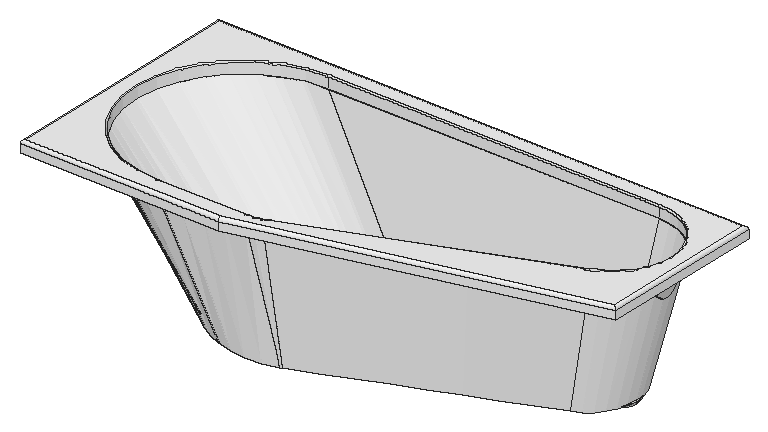
Revit family "NLRS_74_PF_UN_bad_S8B13307000_SPHINX_BCB", category Plumbing Fixtures, Revit 2016
Family settings
  Part Type = Normal
  Round Connector Dimension = Use Radius
  OmniClass Number = 23.45.00.00
  OmniClass Title = Sanitary, Laundry, and Cleaning Equipment
  Work Plane-Based = No
  Always vertical = Yes
  Cut with Voids When Loaded = No
  Shared = No
  Room Calculation Point = No
Parameters (values of type "300 bad 160x75")
  NLRS_C_type = ""
  NLRS_C_serie = ""
  radius = NLRS_C_diameter_uit / 2  # 25 mm
  NLRS_C_revit_versie = "2016"
  NLRS_C_content_versie = "2.0"
  NLRS_C_content_provider = "BouwConnect"
  NLRS_C_content_datum_uitgifte = "APR-2018"
  NLRS_C_content_datum_gewijzigd = "APR-2018"
  NLRS_C_content_creator = "BouwConnect"
  NLRS_C_URL_product_data = "http://www.sphinx.nl/producten/baden/asymmetrische-baden/sphinx-b45-%7C-asymmetrisch-bad-b45300/30150/"
  NLRS_C_code_artikel = "S8B13307000"
  Waste Connection = yes
  WFU = 0
  URL = "http://www.sphinx.nl/"
  NLRS_S_gewicht = 0.00 kg
  NLRS_C_lengte = 1600 mm
  NLRS_C_hoogte = 420 mm
  NLRS_C_diameter_uit = 50 mm
  NLRS_C_breedte = 750 mm
  Model = ""
  Manufacturer = "Sphinx"
  Keynote = "bad"
  IfcTypeProduct = "IfcSanitaryTerminalType"
  IfcExportType = "BATH"
  IfcExportAs = "IfcSanitaryTerminalTypeEnum"
  IfcElement = "IfcFlowTerminal"
  NLRS_C_code_EAN = "8711754410237"
  Description = ""
  NLRS_C_URL_BCB = "http://bcb-online.nl/?zoekterm=Sphinx+++%5bGeberit+B.V.%5d"
  Assembly Code = "4(74.11)"
  NLRS_C_materiaal = NLRS_h2_staal_Sphinx
  NLRS_C_materiaal_01 = NLRS_n6_acryl_wit_Sphinx
Reference planes
  plane 1 "Center (Front/Back)": y = 0
  plane 2: z = 0
  plane 3 "Center (Left/Right)": x = 0
Forms (mm)
  Extrusion 1, solid, material "NLRS_h2_staal_Sphinx" <- "NLRS_C_materiaal", detail levels medium+fine
    sketch origin (510.978, 96.916, -420) x (1, 0, 0) y (0, 1, 0)
      loop
        circle (899.022, -346.916) r 26
    from -10 to 0
  Extrusion 2, void, detail levels fine
    sketch origin (460, 32, -420) x (1, 0, 0) y (0, 1, 0)
      loop
        circle (950, -282) r 23
    from -20 to 10
  Revolve 3, solid, material "NLRS_h2_staal_Sphinx" <- "NLRS_C_materiaal", detail levels fine
    sketch origin (460, -250, -420) x (1, 0, 0) y (0, 0, 1)
      loop
        arc (920.939, 11) -> (907.985, 9.448) -> (895.764, 4.881) r 54.847
        arc (895.764, 4.881) -> (895.444, 4.657) -> (895.194, 4.356) r 1.467
        arc (895.194, 4.356) -> (895.093, 3.653) -> (895.545, 3.106) r 0.878
        arc (895.545, 3.106) -> (896.133, 3.026) -> (896.725, 3) r 6.633
        line (896.725, 3) -> (950, 3) -> (950, 11) -> (920.939, 11)
      axis (950, 3) -> (950, 11)
    angle from 0 to 360
  Revolve 4, solid, material "NLRS_h2_staal_Sphinx" <- "NLRS_C_materiaal", detail levels fine
    sketch origin (1625.32, 700, -60) x (0, -1, 0) y (1, 0, 0)
      loop
        line (950, -72) -> (910, -72) -> (910, -87)
        arc (910, -87) -> (914.393, -97.607) -> (925, -102) r 15
        line (925, -102) -> (950, -102) -> (950, -72)
      axis (950, -102) -> (950, -72)
    angle from 0 to 360
  Sweep 5, solid, material "NLRS_n6_acryl_wit_Sphinx" <- "NLRS_C_materiaal_01", detail levels medium+fine
    path origin (0, 0, -0.003) x (1, 0, 0) y (0, 1, 0)
      loop
        line (600, -750) -> (1600, -500) -> (1600, 0) -> (0, 0) -> (0, -750) -> (600, -750)
    profile origin (0, -375, -0.003) x (-1, 0, 0) y (0, 0, 1)
      loop
        line (-10, 0) -> (-10, -35) -> (0, -35) -> (0, -10)
        arc (0, -10) -> (-2.929, -2.929) -> (-10, 0) r 10
  Extrusion 6, solid, material "NLRS_n6_acryl_wit_Sphinx" <- "NLRS_C_materiaal_01", detail levels medium+fine
    sketch origin (0, 0, -0.003) x (1, 0, 0) y (0, 1, 0)
      loop
        line (10, -740) -> (598.769, -740) -> (649.55, -727.305) -> (642.724, -700.001) -> (372.236, -700.001)
        arc (372.236, -700.001) -> (304.979, -692.966) -> (240.634, -672.164) r 325
        arc (240.634, -672.164) -> (54.272, -307.744) -> (372.236, -50.001) r 325
        line (372.236, -50.001) -> (873.095, -50.001) -> (873.095, -10) -> (10, -10) -> (10, -740)
    from -35 to 0
  Blend 7, solid, material "NLRS_n6_acryl_wit_Sphinx" <- "NLRS_C_materiaal_01", detail levels medium+fine
    base sketch origin (0, -1000, -0.003) x (1, 0, 0) y (0, 1, 0)
      loop
        arc (438.028, 400.26) -> (472.257, 378.485) -> (509.273, 361.885) r 280
        arc (509.273, 361.885) -> (603.064, 345.006) -> (697.084, 360.56) r 280
        arc (697.084, 360.56) -> (700.194, 361.681) -> (703.279, 362.868) r 152.728
        line (703.279, 362.868) -> (1363.547, 625.248)
        arc (1363.547, 625.248) -> (1452.414, 787.259) -> (1309.999, 904.999) r 145
        line (1309.999, 904.999) -> (605.039, 904.999)
        arc (605.039, 904.999) -> (339.213, 712.957) -> (438.028, 400.26) r 280
    top sketch origin (0, -1000, -0.003) x (1, 0, 0) y (0, 1, 0)
      loop
        arc (372.236, 949.999) -> (54.272, 692.256) -> (240.634, 327.836) r 325
        arc (240.634, 327.836) -> (304.979, 307.034) -> (372.236, 299.999) r 325
        line (372.236, 299.999) -> (642.724, 299.999)
        arc (642.724, 299.999) -> (666.842, 302.256) -> (690.123, 308.947) r 130.006
        line (690.123, 308.947) -> (1439.58, 602.389)
        arc (1439.58, 602.389) -> (1550.83, 803.392) -> (1373.954, 949.999) r 180
        line (1373.954, 949.999) -> (372.236, 949.999)
    from -419.997 to -35
  Extrusion 8, solid, material "NLRS_n6_acryl_wit_Sphinx" <- "NLRS_C_materiaal_01", detail levels medium+fine
    sketch origin (2000, 0, -0.003) x (1, 0, 0) y (0, 1, 0)
      loop
        arc (-626.046, -50.001) -> (-449.17, -196.608) -> (-560.42, -397.611) r 180
        line (-560.42, -397.611) -> (-1309.877, -691.053)
        arc (-1309.877, -691.053) -> (-1333.158, -697.744) -> (-1357.276, -700.001) r 130.006
        line (-1357.276, -700.001) -> (-1350.45, -727.305) -> (-410, -492.192) -> (-410, -10) -> (-1126.905, -10) -> (-1126.905, -50.001) -> (-626.046, -50.001)
    from -35 to 0
  Blend 9, void, detail levels medium+fine
    base sketch origin (0, -999.999, -0.003) x (1, 0, 0) y (0, 1, 0)
      loop
        arc (438.028, 400.26) -> (472.257, 378.485) -> (509.273, 361.885) r 280
        arc (509.273, 361.885) -> (603.064, 345.006) -> (697.084, 360.56) r 280
        arc (697.084, 360.56) -> (700.194, 361.681) -> (703.279, 362.868) r 152.728
        line (703.279, 362.868) -> (1363.547, 625.248)
        arc (1363.547, 625.248) -> (1452.414, 787.259) -> (1309.999, 904.999) r 145
        line (1309.999, 904.999) -> (605.039, 904.999)
        arc (605.039, 904.999) -> (339.213, 712.957) -> (438.028, 400.26) r 280
    top sketch origin (0, -999.999, -0.003) x (1, 0, 0) y (0, 1, 0)
      loop
        arc (372.236, 945.999) -> (58.185, 691.429) -> (242.253, 331.494) r 321
        arc (242.253, 331.494) -> (305.807, 310.948) -> (372.236, 303.999) r 321
        line (372.236, 303.999) -> (642.724, 303.999)
        arc (642.724, 303.999) -> (666.1, 306.186) -> (688.665, 312.672) r 126.006
        line (688.665, 312.672) -> (1438.122, 606.113)
        arc (1438.122, 606.113) -> (1546.899, 802.65) -> (1373.954, 945.999) r 176
        line (1373.954, 945.999) -> (372.236, 945.999)
    from -416 to -35
  Sweep 10, solid, material "NLRS_n6_acryl_wit_Sphinx" <- "NLRS_C_materiaal_01", detail levels medium+fine
    path origin (2000, 0, -0.003) x (1, 0, 0) y (0, 1, 0)
      loop
        arc (-1627.764, -50.001) -> (-1945.728, -307.744) -> (-1759.366, -672.164) r 325
        arc (-1759.366, -672.164) -> (-1695.021, -692.966) -> (-1627.764, -700.001) r 325
        line (-1627.764, -700.001) -> (-1357.276, -700.001)
        arc (-1357.276, -700.001) -> (-1333.158, -697.744) -> (-1309.877, -691.053) r 130.006
        line (-1309.877, -691.053) -> (-560.42, -397.611)
        arc (-560.42, -397.611) -> (-449.17, -196.608) -> (-626.046, -50.001) r 180
        line (-626.046, -50.001) -> (-1627.764, -50.001)
    profile origin (873.095, -50.001, -0.003) x (0, 1, 0) y (0, 0, 1)
      loop
        line (0, 0) -> (-0.8, 0)
        arc (-0.8, 0) -> (-3.063, -0.937) -> (-4, -3.2) r 3.2
        line (-4, -3.2) -> (-4, -35) -> (0, -35) -> (0, 0)
  Extrusion 11, solid, material "NLRS_n6_acryl_wit_Sphinx" <- "NLRS_C_materiaal_01", detail levels coarse
    sketch origin (-1113.026, 716.394, -420) x (1, 0, 0) y (0, 1, 0)
      loop
        line (1113.026, -716.394) -> (1113.026, -1466.394) -> (1713.026, -1466.394) -> (2713.026, -1216.394) -> (2713.026, -716.394) -> (1113.026, -716.394)
    from 0 to 420
  Extrusion 12, void
    sketch origin (-1113.026, 716.394, -420) x (1, 0, 0) y (0, 1, 0)
      loop
        arc (1485.263, -766.394) -> (1167.298, -1024.137) -> (1353.66, -1388.557) r 325
        arc (1353.66, -1388.557) -> (1418.005, -1409.359) -> (1485.263, -1416.394) r 325
        line (1485.263, -1416.394) -> (1755.751, -1416.394)
        arc (1755.751, -1416.394) -> (1779.869, -1414.138) -> (1803.15, -1407.446) r 130.006
        line (1803.15, -1407.446) -> (2552.607, -1114.005)
        arc (2552.607, -1114.005) -> (2663.856, -913.002) -> (2486.981, -766.394) r 180
        line (2486.981, -766.394) -> (1485.263, -766.394)
    from 0 to 568.391
  Extrusion 13, solid, not visible
    sketch origin (0, 0, -420) x (1, 0, 0) y (0, 1, 0)
      loop
        circle (1410, -250) r 25
    from 0 to 5
Cuts and joins
  Extrusion 2 cuts Extrusion 1
  Extrusion 2 cuts Revolve 3
  Blend 9 cuts Blend 7
  joined: Sweep 5, Extrusion 6, Extrusion 8, Sweep 10
  Extrusion 12 cuts Extrusion 11
Lines and regions (mm)
  model lines
    curve 1: line (1600, 0, 0) -> (1410, 0, 0)
Dimensions and locks
  aligned and locked: level to plane 2
Connectors
  piping at (1410, -250, -420), diameter 50, driven by "WFU", driven by "radius"
    settings: on Extrusion 13, index 1, connector inside diameter 50 mm, connector length 0 mm, flow factor 0, pipe flow 0.0 L/s, pressure drop 0.0 Pa, fitting loss kfactor 0, connector angle 0.00°, fixture units 0, engagement length 0 mm, angle of deflection 0.00°, flow configuration 3, flow direction 2, fitting loss method 0, system type 16, joint type 0, gender type 0, connector reference index -1, connector utility 0, adjustable connector no, is connector primary yes, connector description "out"
